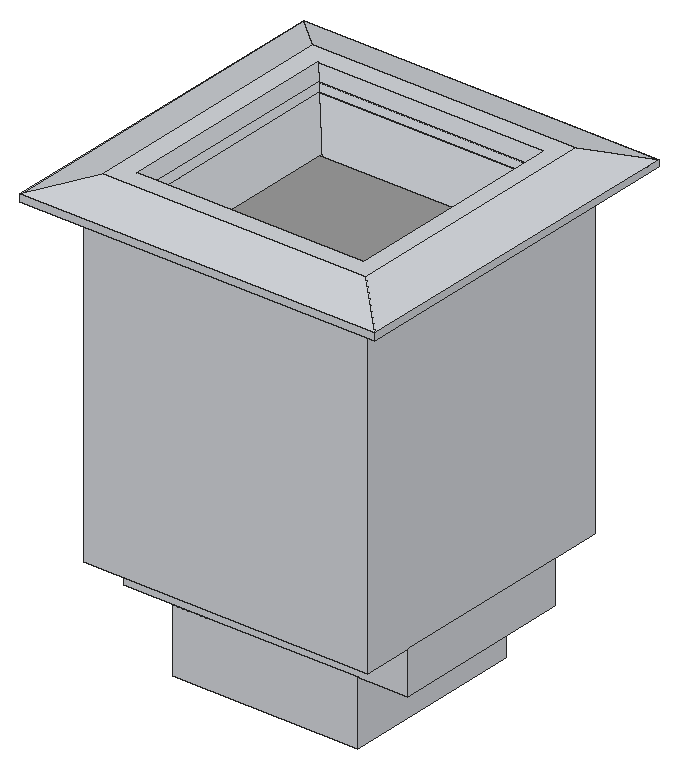
Revit family "2061305 Sylvania Lighting Fixture DOMINO 1xLED 940 BLACK NB TRIM WHITE DALI", category Lighting Fixtures, host Face, Revit 2018
Family settings
  Host = Face
  Round Connector Dimension = Use Diameter
  Part Type = Normal
  OmniClass Number = 23.80.70.00
  OmniClass Title = Lighting
  Cut with Voids When Loaded = No
  Light Source = Yes
  Shared = No
  Room Calculation Point = No
Parameters (values of type "2061305 DOMINO 1XLED 940 BLACK NB TR WHT DALI")
  top top width = 15.812 mm
  top top length = 26 mm
  Width = 50 mm
  Weight = "n/a"
  Wattage Comments = ""
  Wattage = 9.2903 W
  WarrantyStartDate [instance] = "n/a"
  WarrantyGuarantorParts = "n/a"
  WarrantyDurationUnit = "n/a"
  WarrantyDurationParts = ""
  WarrantyDescription = "http://www.sylvania-lighting.com"
  built-in parameter 1150110 = 1 (stored number, unit not read)
  Voltage = 0 V
  URL = "0.96"
  TypeName = "DOMINO 1xLED 940 BLACK NB TRIM WHITE DALI"
  Type Image = <None>
  Type Comments = "n/a"
  built-in parameter 1114217 = 1 (stored number, unit not read)
  Top Width = 26 mm
  Tilt Angle = 90.00°
  built-in parameter 1150109 = 1 (stored number, unit not read)
  built-in parameter 1150134 = 3
  built-in parameter 1150113 = 1 (stored number, unit not read)
  SerialNumber [instance] = "n/a"
  Recessed Width = 43 mm
  Recessed Length = 43 mm
  Photometric Web File = "2061305.ies"
  Material_3_FEILO = none
  PowerFactor = 0
  PowerConsumption = "Lighting"
  NominalLength = 50 mm
  NominalHeight = 0 mm
  NominalDepth = 0 mm
  Name = "DOMINO 1xLED 940 BLACK NB TRIM WHITE DALI"
  ModelReference = Name  # "DOMINO 1xLED 940 BLACK NB TRIM WHITE DALI"
  ModelNumber = "2061305"
  Model = Name  # "DOMINO 1xLED 940 BLACK NB TRIM WHITE DALI"
  Material = "Feilo Sylvania"
  ManufacturerName = "49 lm/W"
  Manufacturer = ""
  LuminousEfficacy = ""
  built-in parameter 1150105 = 109.82 (stored number, unit not read)
  Lumens = 1380 lm
  LuminaireType = "0"
  built-in parameter 1150115 = 1 (stored number, unit not read)
  LightOutputRatio = "LED"
  built-in parameter 1150137 = (empty or 0)
  built-in parameter 1150139 = (empty or 0)
  Lens inside recess = 25 mm
  Lens Width = 32 mm
  Lens Outside recess = 31.978 mm
  Lens = Glass, White, High Luminance
  Length = 50 mm
  LampsType = Lamp  # "n/a"
  LampNominalLuminous = "4000 K"
  LampMacAdamStep = "90"
  LampColourTemperature = "LED"
  LampColourRenderingIndex = "16500"
  built-in parameter 1150112 = 1 (stored number, unit not read)
  built-in parameter 1150114 = 1 (stored number, unit not read)
  Lamp = "n/a"
  Keynote = "n/a"
  InstallationDate [instance] = "n/a"
  InputVoltage = "0"
  InputNominalFrequency = "4000"
  built-in parameter 1150132 = (empty or 0)
  built-in parameter 1150102 = (empty or 0)
  built-in parameter 1150107 = 3200 (stored number, unit not read)
  built-in parameter 1150138 = (empty or 0)
  IngressProtection = "IfcLightFixtureType"
  ImpactProtectionIndex = "IfcLightFixtureType"
  built-in parameter 1150106 = 1.0982 (stored number, unit not read)
  IfcExportType = "IfcLightFixtureType"
  IfcExportAs = "Class II"
  Facia internal width = 37 mm
  Facia internal length = 37 mm
  Facia Height = 2 mm
  ExpectedLife = 50000
  Emit from Circle Diameter = 609.6 mm
  Emit Shape Visible in Rendering = no
  ElectricShockClassification = "49"
  built-in parameter 1150104 = 13.8 (stored number, unit not read)
  DurationUnit = "hours"
  DocumentationLiterature = "http://www.sylvania-lighting.com/product/en-int/products/2061305"
  DimmingControlOptions = "n/a"
  Material_2_FEILO = none
  Dimming Lamp Color Temperature Shift = <None>
  Description = "Modular LED recessed linear spotlight, ideal for retail and hospitality applications. Die-cast aluminium body, passive cooling. Two levels of reflector installation, low glaring UGR<16. 1x LED source, 15° beam angle , optics: PMMA lens and polycarbonate reflector combination, Black matt reflector finish. Light color temperature: 4000K neutral white, total system power: 4W , total fixture lumen output: 195lm, efficacy: 49 lm/W, Ra90 typical, LED chromacity: 3 step MacAdam ellipse (SDCM3), lifespan: 96,000 hours at 90% of the original output (L90B10), IR/UV free light source without heat radiation, operating voltage: 220-240V / 50-60Hz, electronic driver, ultra low flicker, DALI , electrical protection: Class II. Degree of Protection: IP40/IP20, suitable for indoor environment only. Ceiling cut-out: 43x43mm, outer dimensions:  50x50mm trim frame RAL 9016 - Traffic white / Bezel color.5 years Warranty."
  Default Elevation = 1219.2 mm
  CreatedOn = "09/02/2021"
  CreatedBy = "@sylvania-lighting.com"
  Cost = 0
  Color Filter = 16777215
  built-in parameter 1114216 [instance] = (empty or 0)
  ClassificationValue = "EF_70_80"
  ClassificationName = "Uniclass2015"
  Material_1_FEILO = none
  Body Width = 40 mm
  Body Length = 40 mm
  BarCode [instance] = "n/a"
  built-in parameter 1114218 = 1 (stored number, unit not read)
  built-in parameter 1150133 = 10 (stored number, unit not read)
  AssetType = "Fixed"
  AssetIdentifier [instance] = "n/a"
  Assembly Code = "D5020200"
  Apparent Load = 4 VA
  Material_4_FEILO = none
Reference planes
  plane 1 "Center (Front/Back)": y = 0
  plane 2: z = 0
  plane 3 "Center (Left/Right)": x = 0
  plane 4: z = 0
  plane 5: z = -7
  plane 6: z = -45.895
  plane 7: z = -51.895
  plane 8: z = -60.895
  plane 9: x = -21.5
  plane 10: x = 21.5
  plane 11: y = 21.5
  plane 12: y = -21.5
  plane 13: x = -25
  plane 14: x = 25
  plane 15: y = 25
  plane 16: y = -25
  plane 17: x = 18.5
  plane 18: x = -18.5
  plane 19: y = 18.5
  plane 20: y = -18.5
  plane 21: z = 2
  plane 22: x = -20
  plane 23: x = 20
  plane 24: y = 20
  plane 25: y = -20
  plane 26: y = 13
  plane 27: y = -13
  plane 28: y = 16
  plane 29: y = -16
  plane 30: x = 13
  plane 31: x = -13
  plane 32: x = -15.772
  plane 33: x = 16.206
  plane 34: y = 12.5
  plane 35: y = -12.5
  plane 36: x = -12.5
  plane 37: x = 12.5
Forms (mm)
  Extrusion 1, solid, not visible, detail levels medium+fine
    sketch origin (4.2, 0, 0) x (1, 0, 0) y (0, 1, 0)
      loop
        line (-29.2, 34.5) -> (-29.2, -34.5) -> (20.8, -34.5) -> (20.8, 34.5) -> (-29.2, 34.5)
    from 0 to 1
  Extrusion 2, solid, not visible, detail levels medium+fine
    sketch origin (4.044, 0, 0) x (1, 0, 0) y (0, 1, 0)
      loop
        line (-29.2, 34.5) -> (-29.2, -34.5) -> (20.8, -34.5) -> (20.8, 34.5) -> (-29.2, 34.5)
    from 0 to 1
  Blend 3, solid, not visible, detail levels medium+fine
    base sketch origin (4.2, 0, 0) x (1, 0, 0) y (0, 1, 0)
      loop
        line (-29.2, 34.5) -> (-29.2, -34.5) -> (20.8, -34.5) -> (20.8, 34.5) -> (-29.2, 34.5)
    top sketch origin (4.2, 0, 0) x (1, 0, 0) y (0, 1, 0)
      loop
        line (-21.7, 28) -> (-21.7, -28) -> (13.3, -28) -> (13.3, 28) -> (-21.7, 28)
    from 1 to 3
  Extrusion 4, solid, not visible, detail levels medium+fine
    sketch origin (3.419, 0, 0) x (1, 0, 0) y (0, 1, 0)
      loop
        line (-29.2, 34.5) -> (-29.2, -34.5) -> (20.8, -34.5) -> (20.8, 34.5) -> (-29.2, 34.5)
    from 0 to 1
  Blend 5, solid, not visible, detail levels medium+fine
    base sketch origin (3.575, 0, 0) x (1, 0, 0) y (0, 1, 0)
      loop
        line (-29.2, 34.5) -> (-29.2, -34.5) -> (20.8, -34.5) -> (20.8, 34.5) -> (-29.2, 34.5)
    top sketch origin (3.575, 0, 0) x (1, 0, 0) y (0, 1, 0)
      loop
        line (-21.7, 28) -> (-21.7, -28) -> (13.3, -28) -> (13.3, 28) -> (-21.7, 28)
    from 1 to 3
  Extrusion 6, solid, not visible, detail levels medium+fine
    sketch origin (4.247, 0, 0) x (1, 0, 0) y (0, 1, 0)
      loop
        line (-29.2, 34.5) -> (-29.2, -34.5) -> (20.8, -34.5) -> (20.8, 34.5) -> (-29.2, 34.5)
    from 0 to 1
  Blend 7, solid, not visible, detail levels medium+fine
    base sketch origin (4.403, 0, 0) x (1, 0, 0) y (0, 1, 0)
      loop
        line (-29.2, 34.5) -> (-29.2, -34.5) -> (20.8, -34.5) -> (20.8, 34.5) -> (-29.2, 34.5)
    top sketch origin (4.403, 0, 0) x (1, 0, 0) y (0, 1, 0)
      loop
        line (-21.7, 28) -> (-21.7, -28) -> (13.3, -28) -> (13.3, 28) -> (-21.7, 28)
    from 1 to 3
  Extrusion 8, void, detail levels medium+fine
    sketch origin (4.2, 0, 0) x (0, 1, 0) y (1, 0, 0)
      loop
        line (21.5, -25.7) -> (21.5, 17.3) -> (-21.5, 17.3) -> (-21.5, -25.7) -> (21.5, -25.7)
    from -9.934 to 83.097
  Extrusion 9, solid, detail levels medium+fine
    sketch origin (4.2, 0, 0) x (1, 0, 0) y (0, 1, 0)
      loop
        line (-29.2, 25) -> (-29.2, -25) -> (20.8, -25) -> (20.8, 25) -> (-29.2, 25)
    from 0 to 1
  Extrusion 10, solid, detail levels medium+fine
    sketch origin (4.2, 0, 0) x (1, 0, 0) y (0, 1, 0)
      loop
        line (-24.2, 20) -> (-24.2, -20) -> (15.8, -20) -> (15.8, 20) -> (-24.2, 20)
    from 0 to -45.895
  Extrusion 11, solid, detail levels medium+fine
    sketch origin (4.2, 0, 0) x (1, 0, 0) y (0, 1, 0)
      loop
        line (-24.2, 13) -> (-24.2, -13) -> (15.8, -13) -> (15.8, 13) -> (-24.2, 13)
    from -51.895 to -45.895
  Extrusion 12, solid, material "Glass, White, High Luminance" <- "Lens", detail levels fine
    sketch origin (13.547, 1218.849, 36.156) x (1, 0, 0) y (0, 1, 0)
      loop
        line (-26.047, -1206.7) -> (-26.047, -1231.7) -> (-1.047, -1231.7) -> (-1.047, -1206.7) -> (-26.047, -1206.7)
    from -43.156 to -42.182
  Blend 13, solid, detail levels medium+fine
    base sketch origin (4.2, 0, 0) x (1, 0, 0) y (0, 1, 0)
      loop
        line (-29.2, 25) -> (-29.2, -25) -> (20.8, -25) -> (20.8, 25) -> (-29.2, 25)
    top sketch origin (4.2, 0, 0) x (1, 0, 0) y (0, 1, 0)
      loop
        line (-22.7, 18.5) -> (-22.7, -18.5) -> (14.3, -18.5) -> (14.3, 18.5) -> (-22.7, 18.5)
    from 1 to 3
  Extrusion 14, solid, detail levels fine
    sketch origin (0, 0, 0) x (1, 0, 0) y (0, 0, 1)
      loop
        line (-13, -51.895) -> (-13, -60.895) -> (13, -60.895) -> (13, -51.895) -> (-13, -51.895)
    from -13 to 13
  Blend 15, void, detail levels medium+fine
    base sketch origin (4.2, 0, 0) x (0, 1, 0) y (-1, 0, 0)
      loop
        line (16, 19.972) -> (-16, 19.972) -> (-16, -12.006) -> (16, -12.006) -> (16, 19.972)
    top sketch origin (4.2, 0, 0) x (0, 1, 0) y (-1, 0, 0)
      loop
        line (12.5, 16.7) -> (-12.5, 16.7) -> (-12.5, -8.3) -> (12.5, -8.3) -> (12.5, 16.7)
    from 3 to -7
  Extrusion 16, solid, detail levels coarse
    sketch origin (4.2, 0, 0) x (1, 0, 0) y (0, 1, 0)
      loop
        line (-29.2, 25) -> (-29.2, -25) -> (20.8, -25) -> (20.8, 25) -> (-29.2, 25)
    from 3 to -60.895
Cuts and joins
  Blend 15 cuts Extrusion 9
  Blend 15 cuts Extrusion 10
  Blend 15 cuts Blend 13
Dimensions and locks
  "Recessed Length": plane 9 to plane 10
  equal spacing: plane 9, plane 3 "Center (Left/Right)", plane 10
  "Length": plane 13 to plane 14
  equal spacing: plane 13, plane 3 "Center (Left/Right)", plane 14
  "Recessed Width": plane 11 to plane 12
  equal spacing: plane 11, plane 1 "Center (Front/Back)", plane 12
  "Width": plane 15 to plane 16
  equal spacing: plane 15, plane 1 "Center (Front/Back)", plane 16
  "Facia internal length": plane 18 to plane 17
  equal spacing: plane 18, plane 3 "Center (Left/Right)", plane 17
  "Facia internal width": plane 19 to plane 20
  equal spacing: plane 19, plane 1 "Center (Front/Back)", plane 20
  "Facia Height": plane 21 to host face
  "Body Length": plane 22 to plane 23
  equal spacing: plane 22, plane 3 "Center (Left/Right)", plane 23
  "Body Width": plane 24 to plane 25
  equal spacing: plane 24, plane 1 "Center (Front/Back)", plane 25
  "Top Width": plane 26 to plane 27
  equal spacing: plane 26, plane 1 "Center (Front/Back)", plane 27
  "Lens Width": plane 28 to plane 29
  equal spacing: plane 28, plane 1 "Center (Front/Back)", plane 29
  "top top length": plane 31 to plane 30
  equal spacing: plane 31, plane 3 "Center (Left/Right)", plane 30  (x2)
  plane 30 to plane 31 = 26 mm
  equal spacing: plane 30, plane 3 "Center (Left/Right)", plane 31
  "Lens Outside recess": plane 32 to plane 33
  "Lens inside recess": plane 34 to plane 35
  equal spacing: plane 34, plane 1 "Center (Front/Back)", plane 35
  aligned and locked: plane 2 to host face
  aligned and locked: level to host face
  aligned and locked: Extrusion 11 to plane 7
  aligned and locked: Extrusion 10 to plane 6
  aligned and locked: cut or joined group of Blend 13, Blend 15 to Blend 15
Automatic sketch dimensions
  host sketch curve to host sketch curve = 2438.4 mm  (x2)
  Extrusion 1 sketch curve to Extrusion 1 sketch curve = 50 mm
  Extrusion 1 sketch curve to Extrusion 1 sketch curve = 69 mm
  Extrusion 2 sketch curve to Extrusion 2 sketch curve = 50 mm
  Extrusion 2 sketch curve to Extrusion 2 sketch curve = 69 mm
  Blend 3 sketch curve to Blend 3 sketch curve = 50 mm
  Blend 3 sketch curve to Blend 3 sketch curve = 69 mm
  Blend 3 sketch curve to Blend 3 sketch curve = 35 mm
  Blend 3 sketch curve to Blend 3 sketch curve = 56 mm
  Extrusion 4 sketch curve to Extrusion 4 sketch curve = 50 mm
  Extrusion 4 sketch curve to Extrusion 4 sketch curve = 69 mm
  Blend 5 sketch curve to Blend 5 sketch curve = 50 mm
  Blend 5 sketch curve to Blend 5 sketch curve = 69 mm
  Blend 5 sketch curve to Blend 5 sketch curve = 35 mm
  Blend 5 sketch curve to Blend 5 sketch curve = 56 mm
  Extrusion 6 sketch curve to Extrusion 6 sketch curve = 50 mm
  Extrusion 6 sketch curve to Extrusion 6 sketch curve = 69 mm
  Blend 7 sketch curve to Blend 7 sketch curve = 50 mm
  Blend 7 sketch curve to Blend 7 sketch curve = 69 mm
  Blend 7 sketch curve to Blend 7 sketch curve = 35 mm
  Blend 7 sketch curve to Blend 7 sketch curve = 56 mm
  plane 9 to Extrusion 8 sketch curve = 0 mm
  Extrusion 8 sketch curve to plane 12 = 0 mm
  Extrusion 8 sketch curve to plane 11 = 0 mm
  Extrusion 8 sketch curve to plane 10 = 0 mm
  plane 13 to Extrusion 9 sketch curve = 0 mm
  plane 14 to Extrusion 9 sketch curve = 0 mm
  Extrusion 9 sketch curve to plane 16 = 0 mm
  Extrusion 9 sketch curve to plane 15 = 0 mm
  Extrusion 10 sketch curve to plane 22 = 0 mm
  Extrusion 10 sketch curve to plane 23 = 0 mm
  Extrusion 10 sketch curve to plane 25 = 0 mm
  Extrusion 10 sketch curve to plane 24 = 0 mm
  Extrusion 11 sketch curve to plane 22 = 0 mm
  Extrusion 11 sketch curve to plane 23 = 0 mm
  Extrusion 11 sketch curve to plane 27 = 0 mm
  Extrusion 11 sketch curve to plane 26 = 0 mm
  Extrusion 12 sketch curve to plane 11 = 9.351 mm
  plane 1 "Center (Front/Back)" to Extrusion 12 sketch curve = 12.851 mm
  plane 18 to Extrusion 12 sketch curve = 6 mm
  Blend 13 sketch curve to plane 13 = 0 mm
  Blend 13 sketch curve to plane 14 = 0 mm
  Blend 13 sketch curve to plane 16 = 0 mm
  Blend 13 sketch curve to plane 15 = 0 mm
  Blend 13 sketch curve to plane 18 = 0 mm
  Blend 13 sketch curve to plane 17 = 0 mm
  Blend 13 sketch curve to plane 20 = 0 mm
  Blend 13 sketch curve to plane 19 = 0 mm
  Extrusion 12 sketch curve to Extrusion 12 sketch curve = 25 mm
  Extrusion 14 sketch curve to plane 8 = 0 mm
  Extrusion 14 sketch curve to plane 31 = 0 mm
  Extrusion 14 sketch curve to plane 30 = 0 mm
  Extrusion 14 sketch curve to plane 7 = 0 mm
  Blend 15 sketch curve to plane 29 = 0 mm
  Blend 15 sketch curve to plane 28 = 0 mm
  Blend 15 sketch curve to plane 33 = 0 mm
  Blend 15 sketch curve to plane 32 = 0 mm
  Blend 15 sketch curve to plane 35 = 0 mm
  Blend 15 sketch curve to plane 34 = 0 mm
  Blend 15 sketch curve to plane 37 = 0 mm
  Blend 15 sketch curve to plane 36 = 0 mm
  Extrusion 16 sketch curve to plane 13 = 0 mm
  Extrusion 16 sketch curve to plane 14 = 0 mm
  Extrusion 16 sketch curve to plane 16 = 0 mm
  Extrusion 16 sketch curve to plane 15 = 0 mm
Connectors
  electrical at (0, 0, -60.895)
    settings: on Extrusion 14, index 1, voltage 0 V, apparent load 0 VA, apparent load phase1 0 VA, apparent load phase2 0 VA, apparent load phase3 0 VA, power factor 1, load classification "Other", number of poles 1, system type 31, power factor state 1, is connector primary yes, connector utility no, sub classification motor no, connector description ""
